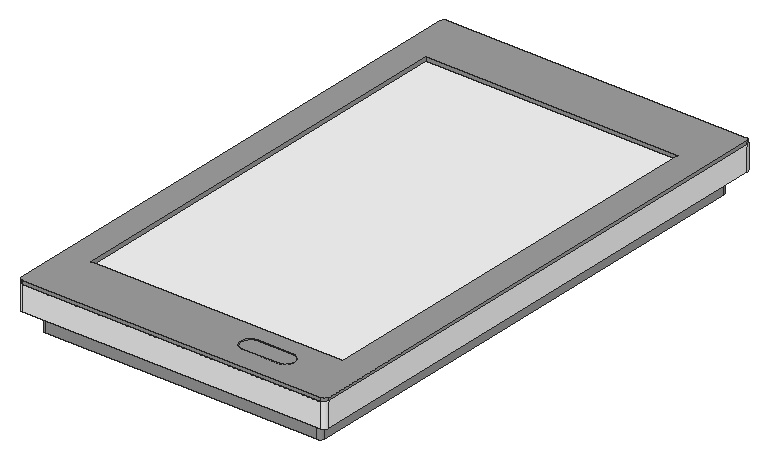
Revit family "Gira_206712", category Electrical Fixtures, host Face, Revit 2017
Family settings
  Host = Face
  Maintain Annotation Orientation = Yes
  Round Connector Dimension = Use Diameter
  Part Type = Normal
  Cut with Voids When Loaded = No
  Shared = No
  Room Calculation Point = No
Parameters (values of type "Gira G1 230 V Gira G1 white gl.")
  material_white = White
  material_black = Black
  With display = yes
  With anti-theft/dismantling protection = yes
  URL = "https://www.gira.de/"
  Type Comments = ""
  Transparent = no
  Temperature controller = yes
  Surface protection = "Sonstige (*de-DE)"
  Surface finishing = "Not applicable"
  Status-LED = yes
  Presence button = no
  Model = ""
  Material quality = "Sonstige (*de-DE)"
  Material = "Sonstige (*de-DE)"
  Manufacturer = "Gira"
  Keynote = ""
  Integrated DCF77 receiver = no
  IR sensor = no
  HeinzeBIM = "https://www.heinze.de/bim/gira-g1-230-v-gira-g1-white-gl-/abdeb190f8a39aa5444937dfcd02ff6cd88ca993"
  HAN = "206712"
  GTIN = "4010337014324"
  Description = "Gira G1 230V G1 GWh Gira G1 230 V,white glass The Gira G1 is a multi-functional room operating device for visualising and operating a variety of building functions. For use in the KNX system and Gira door communication system, or as client. The respective range of functions depends on the firmware used.    When used as a client, the KNX room operating device features are not available. For details on the exact scope of functions, please refer to the Gira online catalogue and the device's technical documentation.,Features: - Operation is via a gesture-capable multi-touch display. - Connection and communication are via LAN or WLAN, depending on the variant. - Integrated speaker. - Integrated microphone with echo compensation.    Potential applications and combinations: - As a multi-functional room operating device, the Gira G1 offers the following functions and function combinations: - KNX room operating device - Home station video - Integrates Internet services or as client for the following systems servers - HomeServer - eNet - X1 - Alarm Connect security system Properties as a KNX room operating device: - Intuitive user interface that can be adapted by the end user. - Switching and dimming (relative and absolute), dimming (incl. Dimming RGB, RGBW, and Tunable White), blind and roller shutter control, value transmitter, and scene auxiliary unit. - Status display, display of date and time, display of indoor and outdoor temperature. - Up to 150 functions (six function folders or rooms with up to 25 functions each). - Up to 125 seven-day timer with 10 switching times each. - Room temperature controller in combination with the temperature sensor module (available as an optional extra), or KNX devices for room temperature measurement, e.g. touch sensor 3 Komfort. - Operating modes: Comfort, standby, night, and frost or heat protection with their own temperature setpoint values (for heating and or cooling). - Operating modes can be adapted individually. - A heating clock as seven-day timer with 28 switching times. - Room temperature controller auxiliary unit for controlling air conditioning systems (fan coil) in conjunction with a KNX gateway for air conditioning systems. Properties as video home station: - Camera changeover: specific selection of connected colour cameras.  - Control of the door opener. - Switching the ringtone on and off. - Ring tone can be selected from a choice of 10 melodies. - Internal calls. Integration of Internet services: - Gira weather service: display of the weather forecast for up to five cities (internet connection required). Gira G1 can also be used as a client for the following systems servers (requires firmware update):: - HomeServer Client - eNet Client - X1 Client - Gira G1 with flush-mounted connection module 230 V WLAN. - Data communication via WLAN.,Notes : - Suitable for indoor use only. - Recommended mounting height: 150 cm above floor. - Installation is performed on a deep device box (an electronics box is recommended for a LAN connection). - Communication with the KNX installation is exclusively via the KNXnet IP standard. - A KNX IP router must be used to connect the Gira G1 PoE to the KNX installation. Several Gira G1 units can be operated on one KNX IP router. - In order to ensure reliable communication via WLAN, a Gira KNX IP router (firmware version 3 and later) is required to connect the Gira G1 230 V or G1 24 V to the KNX installation. For this purpose the Gira KNX IP router (firmware version 3 and later) is specially equipped with the additional function Reliable data communication\". Several Gira G1 units can be operated on one Gira KNX IP router (firmware version 3 and later). - Hardware from index status I08 prepared for KNX Secure (additional firmware update required). - Commissioning in the KNX system from ETS 5.5 or higher. - Can be used as a home station in connection with the DCS-IP gateway. - When planning the system, please observe the technical information on network planning in the device documentation. - The Gira Project Assistant (GPA) is required for firmware updates. The GPA is available free of charge in the Gira download area. - Using the timers requires either an internet connection to a NTP time server or a KNX clock (e.g. Gira weather station Plus 2074 00). - When used as a Gira HomeServer client, the Gira G1's temperature sensor module is not supported.\""
  Default Elevation = 1219.2 mm
  Cost = 0
  Colour = "White"
  Central functional unit for senders/actuators = yes
  Bus connection included = no
  BIMSITE_PRODUCT_ID = "abdeb190f8a39aa5444937dfcd02ff6cd88ca993"
  BIM = "https://media.live.bim.site/t/eyJhbGciOiJIUzI1NiIsInR5cCI6IkpXVCJ9.eyJjdCI6MSwidGYiOiJwdWJsaWMvZ2lyYS8wOWY1ZGI1L0dpcmFfRzEucmZhIiwiY2lkIjoiZmVkOThlOWEtMWJkOC00YzY4LWE3M2ItNzRhOTRlMzE1ODIzIiwicmlkIjoiZDI3N2Q5Yjk1NTM0YzBkOWY1NWNmMWEyMDRkZjM3ZDkiLCJwaWQiOiJhYmRlYjE5MGY4YTM5YWE1NDQ0OTM3ZGZjZDAyZmY2Y2Q4OGNhOTkzIiwic2lkIjoiNjM0NzAiLCJ1dCI6NSwibGMiOiJlbiIsImlhdCI6MTYwNzQzMTk2NCwiaXNzIjoiaHR0cHM6Ly9hcGkubGl2ZS5iaW0uc2l0ZSIsInN1YiI6IjhkM2FhNWNiLWUwNjYtNDU5OC1iZTE2LTZlMTZlZTc0OTU2YSJ9.QIVrTWgx-MDSGPugyZsQ0_SLNcb5y8u9l7s_BRp-RYU/Gira_G1.rfa"
  Assembly Code = ""
Reference planes
  plane 1 "Center (Front/Back)": y = 0
  plane 2: z = 0
  plane 3 "Center (Left/Right)": x = 0
Forms (mm)
  Extrusion 1, solid, material "White" <- "material_white", detail levels fine
    sketch origin (0, 0, 0) x (1, 0, 0) y (0, 1, 0)
      loop
        arc (-47, 84) -> (-48.061, 83.561) -> (-48.5, 82.5) r 1.5
        line (-48.5, 82.5) -> (-48.5, -82.5)
        arc (-48.5, -82.5) -> (-48.061, -83.561) -> (-47, -84) r 1.5
        line (-47, -84) -> (47, -84)
        arc (47, -84) -> (48.061, -83.561) -> (48.5, -82.5) r 1.5
        line (48.5, -82.5) -> (48.5, 82.5)
        arc (48.5, 82.5) -> (48.061, 83.561) -> (47, 84) r 1.5
        line (47, 84) -> (-47, 84)
    from 0 to 7.654
  Extrusion 2, solid, material "Black" <- "material_black", detail levels fine
    sketch origin (0, 0, 0) x (1, 0, 0) y (0, 1, 0)
      loop
        arc (44.153, 78.61) -> (43.716, 79.665) -> (42.661, 80.102) r 1.492
        line (42.661, 80.102) -> (-42.661, 80.102)
        arc (-42.661, 80.102) -> (-43.716, 79.665) -> (-44.153, 78.61) r 1.492
        line (-44.153, 78.61) -> (-44.153, -78.61)
        arc (-44.153, -78.61) -> (-43.716, -79.665) -> (-42.661, -80.102) r 1.492
        line (-42.661, -80.102) -> (42.661, -80.102)
        arc (42.661, -80.102) -> (43.716, -79.665) -> (44.153, -78.61) r 1.492
        line (44.153, -78.61) -> (44.153, 78.61)
    from 0 to -6.196
  Extrusion 3, solid, material "Black" <- "material_black", detail levels fine
    sketch origin (0, 0, 0) x (1, 0, 0) y (0, 1, 0)
      loop
        line (39.802, 66.02) -> (-39.802, 66.02) -> (-39.802, -66.02) -> (39.802, -66.02) -> (39.802, 66.02)
      loop
        line (47, 83.85) -> (-47, 83.85)
        arc (-47, 83.85) -> (-47.955, 83.455) -> (-48.35, 82.5) r 1.35
        line (-48.35, 82.5) -> (-48.35, -82.5)
        arc (-48.35, -82.5) -> (-47.955, -83.455) -> (-47, -83.85) r 1.35
        line (-47, -83.85) -> (47, -83.85)
        arc (47, -83.85) -> (47.955, -83.455) -> (48.35, -82.5) r 1.35
        line (48.35, -82.5) -> (48.35, 82.5)
        arc (48.35, 82.5) -> (47.955, 83.455) -> (47, 83.85) r 1.35
      loop
        arc (16.826, -70.87) -> (13.826, -73.87) -> (16.826, -76.87) r 3
        line (16.826, -76.87) -> (27.78, -76.87)
        arc (27.78, -76.87) -> (30.78, -73.87) -> (27.78, -70.87) r 3
        line (27.78, -70.87) -> (16.826, -70.87)
    from 6 to 8.604
  Extrusion 4, solid, material "Black" <- "material_black", detail levels fine
    sketch origin (0, 0, 0) x (1, 0, 0) y (0, 1, 0)
      loop
        line (27.78, -70.97) -> (16.826, -70.97)
        arc (16.826, -70.97) -> (13.926, -73.87) -> (16.826, -76.77) r 2.9
        line (16.826, -76.77) -> (27.78, -76.77)
        arc (27.78, -76.77) -> (30.68, -73.87) -> (27.78, -70.97) r 2.9
    from 6 to 8.5
  Extrusion 5, solid, material "Black" <- "material_black", detail levels medium
    sketch origin (0, 0, 0) x (1, 0, 0) y (0, 1, 0)
      loop
        line (44.153, 80.102) -> (-44.153, 80.102) -> (-44.153, -80.102) -> (44.153, -80.102) -> (44.153, 80.102)
    from 0 to -6.196
  Extrusion 6, solid, material "White" <- "material_white", detail levels medium
    sketch origin (0, 0, 0) x (1, 0, 0) y (0, 1, 0)
      loop
        line (-48.5, 84) -> (-48.5, -84) -> (48.5, -84) -> (48.5, 84) -> (-48.5, 84)
    from 0 to 7.654
  Extrusion 7, solid, material "Black" <- "material_black", detail levels medium
    sketch origin (0, 0, 0) x (1, 0, 0) y (0, 1, 0)
      loop
        line (48.35, 83.85) -> (-48.35, 83.85) -> (-48.35, -83.85) -> (48.35, -83.85) -> (48.35, 83.85)
    from 6 to 8.604
  Extrusion 8, solid, material "Black" <- "material_black", detail levels coarse
    sketch origin (0, 0, 0) x (1, 0, 0) y (0, 1, 0)
      loop
        line (48.5, 84) -> (-48.5, 84) -> (-48.5, -84) -> (48.5, -84) -> (48.5, 84)
    from -6.196 to 8.604
Dimensions and locks
  aligned and locked: plane 2 to host face
  aligned and locked: level to host face
  aligned and locked: plane 1 "Center (Front/Back)" to nested 1
  aligned and locked: plane 3 "Center (Left/Right)" to nested 1
Nested families
  nested 1: "symbol" at (0, 0, 0), type "symbol"
Connectors
  electrical at (0, 0, -6.196)
    settings: on Extrusion 8, index 1, voltage 230 V, apparent load 0 VA, apparent load phase1 0 VA, apparent load phase2 0 VA, apparent load phase3 0 VA, power factor 1, load classification "Other", number of poles 1, system type 30, power factor state 1, is connector primary yes, connector utility no, sub classification motor no, connector description ""
Definition of nested family "symbol"
  Reference planes
    plane 1: y = 0
    plane 2: x = 0
  Lines and regions (mm)
    Filled region 1, type "Gefüllter Bereich 1"
      outline origin (0, 0, 0) x (1, 0, 0) y (0, 1, 0)
        loop
          circle (-0.6, 2.4) r 0.4
    Filled region 2, type "Gefüllter Bereich 1"
      outline origin (0, 0, 0) x (1, 0, 0) y (0, 1, 0)
        loop
          circle (0.6, 2.4) r 0.4
    detail lines
      curve 1: line (0, 0, 0) -> (0, 2, 0)
      curve 2: line (0, 2, 0) -> (1.6, 2, 0)
      curve 3: line (1.6, 2, 0) -> (1.6, 3.6, 0)
      curve 4: circle (0.6, 2.4, 0) r 0.4 normal (0, 0, 1)
      curve 5: line (0, 2, 0) -> (-1.6, 2, 0)
      curve 6: line (-1.6, 2, 0) -> (-1.6, 3.6, 0)
      curve 7: circle (-0.6, 2.4, 0) r 0.4 normal (0, 0, -1)
